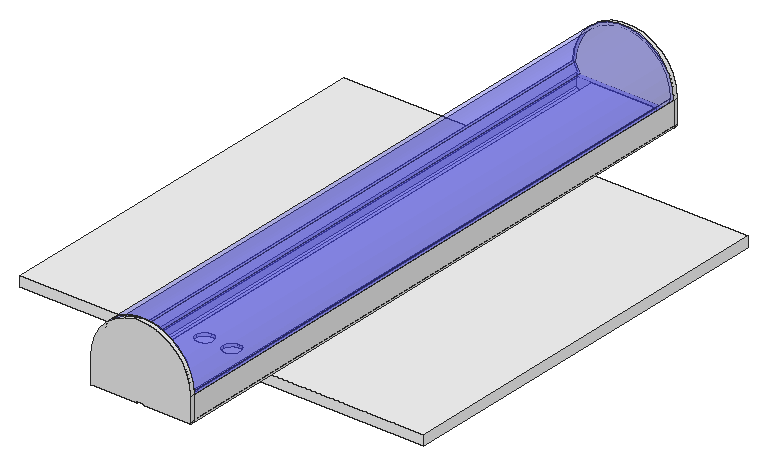
Revit family "BE_51242.3_de_DE", category Leuchten, Revit 2020
Family settings
  Basisbauteil = Fläche
  Bemaßung runder Anschluss = Durchmesser verwenden
  Teiletyp = Normal
  Beim Laden mit Abzugskörper schneiden = Ja
  Lichtquelle = Ja
  Gemeinsam genutzt = Nein
  Raumberechnungspunkt = Ja
Parameters (values of type "BEGA_51242.3_K3")
  built-in parameter 1150104 = 14.054 (stored number, unit not read)
  Wattage = 23.4 W
  Default Elevation = 0 mm
  built-in parameter 1150113 = 1 (stored number, unit not read)
  built-in parameter 1114218 = 1 (stored number, unit not read)
  Umgebungstemperatur = "25 °C"
  URL = "https://www.bega.com/de/produkt/51242.3"
  Typenkommentare = "© 2023 BEGA. Wir behalten uns das Recht vor, technische Änderungen ohne vorherige Ankündigung vorzunehmen."  # constant formula
  built-in parameter 1150134 = (empty or 0)
  built-in parameter 1150109 = 1 (stored number, unit not read)
  Strom = ""
  built-in parameter 1150110 = 1 (stored number, unit not read)
  Spannung = 239.996 V
  Sonderanfertigung = no
  Seriennummer [instance] = "Hier können Sie die eindeutige Seriennummer für das Facility Management eintragen."
  Schutzklasse = "I"
  Schutzart = "IP 44"
  Scheinlast = 0 VA
  Produktdatenblatt = "https://cdn.bega.com/bega/products/51242.3K3/current/documents/data-sheets/de"
  Oberflächentemperatur = ""
  Neigungswinkel = 0.00°
  Modell = "51242.3K3"
  Material_23 = BEGA_Oberfläche_Chrom_poliert
  Material_14 = BEGA_Kunststoff_opal
  M_W = no
  M_G = no
  M_A = no
  Logo = 0
  built-in parameter 1114217 = 1 (stored number, unit not read)
  built-in parameter 1150139 = (empty or 0)
  built-in parameter 1150105 = 281.7 (stored number, unit not read)
  built-in parameter 1150114 = 1 (stored number, unit not read)
  Lumens = 3539.95 lm
  built-in parameter 1150115 = 1 (stored number, unit not read)
  Leuchtenlichtstrom = "2651 lm"
  Leuchtenanzahl = ""
  Lebensdauerkriterien = "L70B50 @ 25 °C = 130000 h"
  Lastklassifizierung = Beleuchtung
  built-in parameter 1150112 = 1 (stored number, unit not read)
  Lampenlichtstrom = "3540 lm"
  Lampe = "LED 23.4 W"
  LED_Modulbezeichnung = "2x LED-1306/930 + 2x LED-1307/930"
  Hersteller = "BEGA"  # constant formula
  Halbstreuwinkel = ""
  Gewicht = "1.9 kg"
  Gebrauchslageneinschränkung [instance] = ""
  Frequenz = "0/50-60 Hz"
  Farbwiedergabeindex = "CRI > 90"
  Farbtemperaturverschiebung bei Dämpfen der Lampe = <Keine Auswahl>
  Farbtemperatur = "3000 K"
  Color Filter = 16777215
  built-in parameter 1150133 = 10 (stored number, unit not read)
  Energieeffizienzklasse = "LED A++ - A"
  built-in parameter 1150137 = (empty or 0)
  built-in parameter 1150132 = (empty or 0)
  ENEC = ""
  Dimmbar [instance] = "DALI"
  Datei für fotometrisches Netz = "BE_51242K3.ies"
  CE_Konformität = "ja"
  Bestellnummer = "51242.3K3"
  Beschreibung_Sonderanfertigung = "Hier können Sie Informationen zur Sonderanfertigung eintragen."
  Beschreibung = "Wandleuchte"
  built-in parameter 1150106 = 2.817 (stored number, unit not read)
  Befestigungsbohrung = "Ø 4,8 mm"
  Befestigungsabstand = "500 x 81 mm"
  Ballwurfsicher = ""
  BEGA_Intern_aus = yes
  BEGA_Intern_an = yes
  BEGA_Intern_Konstruktion = yes
  BEGA_Intern = yes
  BEGA_IES = yes
  BEGA_Dummy = no
  Anschlussleitung = ""
  Anschlussleistung [instance] = "27 W"
  Anschlusskasten = ""
  built-in parameter 1150107 = 3000 (stored number, unit not read)
  built-in parameter 1150102 = (empty or 0)
  built-in parameter 1150138 = (empty or 0)
  Aktualisierung = "2023-01-26T04:00:03"
  Abstand_zur_angestrahlten_Fläche [instance] = ""
  AC/DC = "AC/DC"
Reference planes
  plane 1 "Mitte (Vorne/Hinten)": y = 0
  plane 2: z = 0
  plane 3 "Mitte (Links/Rechts)": x = 0
  plane 4 "Links": x = -50
  plane 5 "Rechts": x = 50
  plane 6 "Unten": y = -300.506
  plane 7 "Oben": y = 300.506
  plane 8 "Vorne": z = 75
  plane 9 "Hinten": z = 0
Forms (mm)
  Extrusion 1, solid, material "BEGA_Platte_Weiss"
    sketch origin (0, -1119.2, 0) x (1, 0, 0) y (0, 1, 0)
      loop
        line (-200, 1319.2) -> (-200, 919.2) -> (200, 919.2) -> (200, 1319.2) -> (-200, 1319.2)
    from 0 to -10
  Extrusion 2, solid, material "BEGA_Dummy_matt", visible <- "BEGA_Dummy"
    sketch origin (80.095, -76.023, 0) x (1, 0, 0) y (0, 1, 0)
      loop
        line (-130.095, 376.529) -> (-130.095, -224.483) -> (-30.095, -224.483) -> (-30.095, 376.529) -> (-130.095, 376.529)
    from 0 to 75
Dimensions and locks
  plane 1 "Mitte (Vorne/Hinten)" to Extrusion 1 = 200 mm
  aligned and locked: Extrusion 1 to plane 2
  aligned and locked: Extrusion 1 to level
Nested families
  nested 1: "BE_51242.3_Leuchte" at (0, 0, 0), type "BE_51242.3_Leuchte"
Connectors
  electrical at (0, 0, 0), driven by "Lastklassifizierung", driven by "Spannung", driven by "Scheinlast"
    settings: index 1, voltage 239.996 V, apparent load 0 VA, apparent load phase1 0 VA, apparent load phase2 0 VA, apparent load phase3 0 VA, power factor 1, load classification "Beleuchtung", number of poles 1, system type 31, power factor state 1, is connector primary yes, connector utility no, sub classification motor no, connector description ""
Definition of nested family "BE_51242.3_Leuchte"
  Parameters (values of type "BE_51242.3_Leuchte")
    Default Elevation = 1 mm
    URL = "http://www.bega.de/de/produkt"
    Type Comments = "© 2015 BEGA. Wir behalten uns das Recht vor, technische Änderungen ohne vorherige Ankündigung vorzunehmen. "  # constant formula
    Type Image = (empty or 0)
    Material_23 = none
    Material_14 = none
    Länge_Platte = 200 mm  # constant formula
    Höhe_Platte = -10 mm  # constant formula
    Manufacturer = "BEGA"  # constant formula
    Breite_Platte = 200 mm  # constant formula
  Reference planes
    plane 1 "Mitte (Oben/Unten)": y = 0
    plane 2: z = 0
    plane 3 "Mitte (Links/Rechts)": x = 0
  Forms (mm)
    Extrusion 1, solid, detail levels medium
      sketch origin (0, 0, 0) x (1, 0, 0) y (0, 1, 0)
        loop
          line (-100, 100) -> (-100, -100) -> (100, -100) -> (100, 100) -> (-100, 100)
      from 0 to -10 <- "Höhe_Platte"
    Extrusion 2, solid, material <- "Material_23"
      sketch origin (0, 0, 0) x (1, 0, 0) y (0, 0, 1)
        loop
          line (33.15, 0) -> (48.107, 0) -> (48.8, 1.2) -> (50, 1.2) -> (50, 25.072) -> (46.2, 16.923) -> (47.5, 16.317) -> (47.5, 4)
          arc (47.5, 4) -> (47.061, 2.939) -> (46, 2.5) r 1.5
          line (46, 2.5) -> (35, 2.5) -> (32.16, 11.789)
          arc (32.16, 11.789) -> (31.799, 12.303) -> (31.203, 12.5) r 1
          line (31.203, 12.5) -> (-31.203, 12.5)
          arc (-31.203, 12.5) -> (-31.799, 12.303) -> (-32.16, 11.789) r 1
          line (-32.16, 11.789) -> (-35, 2.5) -> (-46, 2.5)
          arc (-46, 2.5) -> (-47.061, 2.939) -> (-47.5, 4) r 1.5
          line (-47.5, 4) -> (-47.5, 16.317) -> (-46.2, 16.923) -> (-50, 25.072) -> (-50, 1.2) -> (-48.8, 1.2) -> (-48.107, 0) -> (-33.15, 0) -> (-30.093, 10) -> (30.093, 10) -> (33.15, 0)
      from -296.583 to 296.583
    Extrusion 3, void
      sketch origin (0, 0, 0) x (1, 0, 0) y (0, 1, 0)
        loop
          circle (-40.5, -249.933) r 2.4
        loop
          circle (40.5, -249.933) r 2.4
        loop
          circle (13.5, -204.933) r 8.5
        loop
          circle (-13.5, -204.933) r 8.5
      from 0 to 25.072
    Extrusion 4, void
      sketch origin (0, 0, 0) x (1, 0, 0) y (0, 1, 0)
        loop
          circle (-40.5, 248.935) r 2.4
        loop
          circle (40.5, 248.935) r 2.4
      from 0 to 25.072
    Extrusion 5, solid, material <- "Material_14"
      sketch origin (0, 0, 0) x (1, 0, 0) y (0, 0, 1)
        loop
          line (-50, 25.072) -> (-44.404, 13.072) -> (44.404, 13.072) -> (50, 25.072)
          arc (50, 25.072) -> (0, 75.072) -> (-50, 25.072) r 50
        loop
          line (-46.995, 25.728) -> (-42.493, 16.072) -> (42.493, 16.072) -> (46.995, 25.728)
          arc (46.995, 25.728) -> (0, 72.072) -> (-46.995, 25.728) r 47
      from -296.583 to 296.583
    Extrusion 6, solid, material <- "Material_23"
      sketch origin (0, 0, 0) x (1, 0, 0) y (0, 0, 1)
        loop
          line (3.833, 0.681) -> (48.5, 0.581)
          arc (48.5, 0.581) -> (49.207, 0.874) -> (49.5, 1.581) r 1
          line (49.5, 1.581) -> (49.5, 24.881)
          arc (49.5, 24.881) -> (0, 74.381) -> (-49.5, 24.881) r 49.5
          line (-49.5, 24.881) -> (-49.5, 1.581)
          arc (-49.5, 1.581) -> (-49.207, 0.874) -> (-48.5, 0.581) r 1
          line (-48.5, 0.581) -> (-3.873, 0.581)
          arc (-3.873, 0.581) -> (-3.14, 1.524) -> (-2, 1.881) r 2
          line (-2, 1.881) -> (2, 1.881)
          arc (2, 1.881) -> (3.095, 1.554) -> (3.833, 0.681) r 2
      from 296.583 to 300.506
    Extrusion 7, solid, material <- "Material_23"
      sketch origin (0, 0, 0) x (1, 0, 0) y (0, 0, -1)
        loop
          arc (3.833, -0.681) -> (3.095, -1.554) -> (2, -1.881) r 2
          line (2, -1.881) -> (-2, -1.881)
          arc (-2, -1.881) -> (-3.14, -1.524) -> (-3.873, -0.581) r 2
          line (-3.873, -0.581) -> (-48.5, -0.581)
          arc (-48.5, -0.581) -> (-49.207, -0.874) -> (-49.5, -1.581) r 1
          line (-49.5, -1.581) -> (-49.5, -24.881)
          arc (-49.5, -24.881) -> (0, -74.381) -> (49.5, -24.881) r 49.5
          line (49.5, -24.881) -> (49.5, -1.581)
          arc (49.5, -1.581) -> (49.207, -0.874) -> (48.5, -0.581) r 1
          line (48.5, -0.581) -> (3.833, -0.681)
      from 296.583 to 300.506
  Cuts and joins
    Extrusion 3, Extrusion 4 cuts Extrusion 2
  Dimensions and locks
    equal spacing: Extrusion 1 sketch curve, plane 3 "Mitte (Links/Rechts)", Extrusion 1 sketch curve
    equal spacing: Extrusion 1 sketch curve, plane 1 "Mitte (Oben/Unten)", Extrusion 1 sketch curve
    "Länge_Platte": Extrusion 1 sketch curve to Extrusion 1 sketch curve
    "Breite_Platte": Extrusion 1 sketch curve to Extrusion 1 sketch curve
    plane 1 "Mitte (Oben/Unten)" to Extrusion 1 = 100 mm  (x3)
    Extrusion 2 to plane 1 "Mitte (Oben/Unten)" = 296.583 mm  (x2)
    Extrusion 6 to Extrusion 6 = 3.924 mm
    aligned and locked: Extrusion 1 to plane 2
    aligned and locked: level to Extrusion 1
    aligned and locked: Extrusion 6 to cut or joined group of Extrusion 2, Extrusion 3, Extrusion 4
    aligned and locked: Extrusion 2 to Extrusion 5
  Automatic sketch dimensions
    Extrusion 2 sketch curve to level = 0 mm  (x2)
    level to Extrusion 2 sketch curve = 1.2 mm  (x2)
    Extrusion 2 sketch curve to plane 3 "Mitte (Links/Rechts)" = 50 mm
    Extrusion 2 sketch curve to Extrusion 2 sketch curve = 1.2 mm
    Extrusion 2 sketch curve to Extrusion 2 sketch curve = 0.693 mm  (x2)
    level to Extrusion 2 sketch curve = 16.317 mm
    Extrusion 2 sketch curve to Extrusion 2 sketch curve = 2.5 mm
    level to Extrusion 2 sketch curve = 16.923 mm  (x2)
    Extrusion 2 sketch curve to Extrusion 2 sketch curve = 1.3 mm  (x2)
    Extrusion 2 sketch curve to Extrusion 2 sketch curve = 1.5 mm
    level to Extrusion 2 sketch curve = 2.5 mm  (x2)
    Extrusion 2 sketch curve to Extrusion 2 sketch curve = 11 mm  (x2)
    Extrusion 2 sketch curve to Extrusion 2 sketch curve = 1.85 mm  (x2)
    level to Extrusion 2 sketch curve = 11.789 mm  (x2)
    Extrusion 2 sketch curve to Extrusion 2 sketch curve = 2.84 mm
    Extrusion 2 sketch curve to Extrusion 2 sketch curve = 0.957 mm  (x2)
    Extrusion 2 sketch curve to Extrusion 2 sketch curve = 1.11 mm  (x2)
    level to Extrusion 2 sketch curve = 10 mm
    plane 3 "Mitte (Links/Rechts)" to Extrusion 2 sketch curve = 30.093 mm
    Extrusion 2 sketch curve to Extrusion 2 sketch curve = 3.057 mm
    Extrusion 2 sketch curve to Extrusion 2 sketch curve = 0.2 mm
    Extrusion 2 sketch curve to Extrusion 2 sketch curve = 2.107 mm
    Extrusion 2 sketch curve to Extrusion 2 sketch curve = 3.8 mm
    Extrusion 2 sketch curve to Extrusion 2 sketch curve = 0.289 mm
    Extrusion 2 sketch curve to Extrusion 2 sketch curve = 0.606 mm
    Extrusion 5 sketch curve to Extrusion 5 sketch curve = 0 mm  (x2)
    Extrusion 5 sketch curve to plane 3 "Mitte (Links/Rechts)" = 0 mm
    level to Extrusion 5 sketch curve = 16.072 mm
    Extrusion 5 sketch curve to plane 3 "Mitte (Links/Rechts)" = 42.493 mm
    level to Extrusion 5 sketch curve = 13.072 mm
    Extrusion 5 sketch curve to Extrusion 5 sketch curve = 1.911 mm  (x2)
    Extrusion 5 sketch curve to Extrusion 5 sketch curve = 4.502 mm
    Extrusion 5 sketch curve to Extrusion 5 sketch curve = 3.005 mm  (x2)
    Extrusion 5 sketch curve to Extrusion 5 sketch curve = 7.507 mm
    level to Extrusion 5 sketch curve = 25.728 mm
    level to Extrusion 5 sketch curve = 25.072 mm
    Extrusion 5 sketch curve to Extrusion 5 sketch curve = 0.655 mm
    Extrusion 5 sketch curve to Extrusion 5 sketch curve = 9 mm
    Extrusion 6 sketch curve to plane 3 "Mitte (Links/Rechts)" = 0 mm
    Extrusion 6 sketch curve to level = 0.119 mm  (x2)
    Extrusion 6 sketch curve to plane 3 "Mitte (Links/Rechts)" = 2 mm
    level to Extrusion 6 sketch curve = 0.581 mm  (x2)
    Extrusion 6 sketch curve to Extrusion 6 sketch curve = 1.873 mm
    Extrusion 6 sketch curve to Extrusion 6 sketch curve = 44.627 mm
    Extrusion 6 sketch curve to Extrusion 6 sketch curve = 1 mm  (x2)
    plane 3 "Mitte (Links/Rechts)" to Extrusion 6 sketch curve = 2 mm
    level to Extrusion 6 sketch curve = 0.681 mm
    Extrusion 6 sketch curve to Extrusion 6 sketch curve = 23.3 mm
    Extrusion 7 sketch curve to plane 3 "Mitte (Links/Rechts)" = 0 mm
    Extrusion 7 sketch curve to level = 0.119 mm  (x2)
    Extrusion 7 sketch curve to plane 3 "Mitte (Links/Rechts)" = 2 mm
    level to Extrusion 7 sketch curve = 0.581 mm
    Extrusion 7 sketch curve to Extrusion 7 sketch curve = 1.873 mm
    Extrusion 7 sketch curve to Extrusion 7 sketch curve = 44.627 mm
    Extrusion 7 sketch curve to Extrusion 7 sketch curve = 1 mm  (x2)
    plane 3 "Mitte (Links/Rechts)" to Extrusion 7 sketch curve = 2 mm
    level to Extrusion 7 sketch curve = 0.681 mm
    level to Extrusion 7 sketch curve = 24.881 mm
    level to Extrusion 7 sketch curve = 1.581 mm
